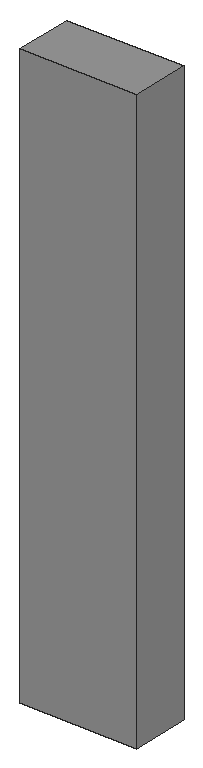
Revit family "POT-BA-RECT", category Poteaux porteurs, Revit 2017
Family settings
  Afficher dans les vues cachées = Arêtes cachées par d'autres membres
  Forme de coupe = Non définie
  Matériau pour le comportement du modèle = Béton
  Toujours exporter comme géométrie = Non
  Réduction de poutre dans le plan = A partir de la zone de délimitation
  Couper avec des vides une fois chargée = Non
  Représentation symbolique = De la famille
  Partagée = Non
  Afficher le prédécoupage de famille dans les vues en plan = Oui
Parameters (values of type "POT-BA25-50x25")
  Matériau structurel = Béton, coulé sur place, gris
  Largeur = 500 mm
  Hauteur = 250 mm
Types (14, lengths in mm): name | Largeur | Hauteur
  POT-BA25-30x40 | 300 | 400
  POT-BA25-30x45 | 300 | 450
  POT-BA25-18x30 | 180 | 300
  POT-BA25-30x20 | 300 | 200
  POT-BA25-50x25 | 500 | 250
  POT-BA25-18x60 | 180 | 600
  POT-BA25-20x30 | 200 | 300
  POT-BA25-18x18 | 180 | 180
  POT-BA25-25x80 | 250 | 800
  POT-BA25-25x60 | 250 | 600
  POT-BA25-35x60 | 350 | 600
  POT-BA25-35x40 | 350 | 400
  POT-BA25-25x65 | 250 | 650
  POT-BA25-25x40 | 250 | 400
Reference planes
  plane 1 "Centre (avant/arrière)": y = 0
  plane 2: z = 0
  plane 3 "Centre (gauche/droite)": x = 0
  plane 4: x = -250
  plane 5: x = 250
  plane 6: y = 125
  plane 7: y = -125
Forms (mm)
  Extrusion 1, solid, material "Béton, coulé sur place, gris" <- "Matériau structurel"
    sketch origin (0, 0, 0) x (1, 0, 0) y (0, 1, 0)
      loop
        line (-250, 125) -> (-250, -125) -> (250, -125) -> (250, 125) -> (-250, 125)
    from 0 to 2500
Dimensions and locks
  equal spacing: plane 4, plane 3 "Centre (gauche/droite)", plane 5
  equal spacing: plane 7, plane 1 "Centre (avant/arrière)", plane 6
  "Hauteur": plane 7 to plane 6
  "Largeur": plane 4 to plane 5
  aligned and locked: Extrusion 1 sketch curve to plane 6
  aligned and locked: Extrusion 1 sketch curve to plane 7
  aligned and locked: Extrusion 1 sketch curve to plane 4
  aligned and locked: plane 5 to Extrusion 1 sketch curve
  aligned and locked: level to Extrusion 1
  aligned and locked: level to plane 2
  aligned and locked: Extrusion 1 to plane 2
